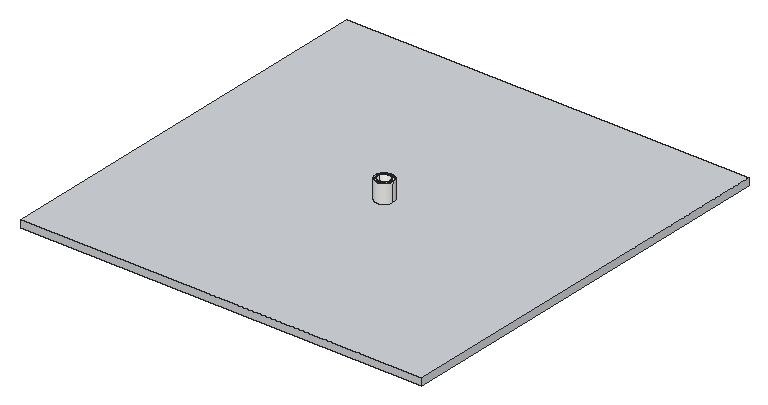
Revit family "Thorn Chalice 3 MSF 125", category Lighting Fixtures, host Face, Revit 2018
Family settings
  Host = Face
  Round Connector Dimension = Use Diameter
  Part Type = Normal
  OmniClass Number = 23.80.70.11
  OmniClass Title = Luminaries for Internal Lighting
  Cut with Voids When Loaded = No
  Light Source = Yes
  Shared = No
  Room Calculation Point = No
Parameters (values of type "Chalice 3 / CHAL3 MSF125 1400-840 EHF RSB")
  Width = 125 mm  # constant formula
  Wattage Comments = ""
  Wattage = 10.3001 W
  built-in parameter 1150110 = 1 (stored number, unit not read)
  Voltage = 230 V
  URL = "https://www.thornlighting.com/96108673"
  Type Comments = "© Thorn Lighting. We reserve the right to make technical changes without prior notice."  # constant formula
  built-in parameter 1114217 = 1 (stored number, unit not read)
  Tilt Angle = -90.00°  # constant formula
  built-in parameter 1150109 = 1 (stored number, unit not read)
  built-in parameter 1150134 = 12
  built-in parameter 1150113 = 1 (stored number, unit not read)
  Photometric Web File = "96108673_(STD).IES"
  Model = "96108673"
  Manufacturer = "THORN"  # constant formula
  built-in parameter 1150105 = 1835.5 (stored number, unit not read)
  Lumens = 1530 lm
  built-in parameter 1150115 = 1 (stored number, unit not read)
  built-in parameter 1150137 = (empty or 0)
  built-in parameter 1150139 = (empty or 0)
  Length = 125 mm  # constant formula
  built-in parameter 1150112 = 1 (stored number, unit not read)
  built-in parameter 1150114 = 1 (stored number, unit not read)
  Lamp = "LED"
  built-in parameter 1150132 = 2
  built-in parameter 1150102 = (empty or 0)
  built-in parameter 1150107 = 4000 (stored number, unit not read)
  built-in parameter 1150138 = (empty or 0)
  built-in parameter 1150106 = 18.355 (stored number, unit not read)
  Height = 126 mm  # constant formula
  built-in parameter 1150104 = 13.8 (stored number, unit not read)
  Dimming Lamp Color Temperature Shift = <None>
  Description = "Surface mounted LED downlight"  # constant formula
  Default Elevation = 0 mm
  Cover = Thorn_PMMA_Opaque
  Color Filter = 16777215
  Body = Thorn_Metal_White
  built-in parameter 1114218 = 1 (stored number, unit not read)
  built-in parameter 1150133 = 10 (stored number, unit not read)
  Assembly Code = "D5020200"
  Apparent Load = 13.3 VA
Reference planes
  plane 1 "Center (Front/Back)": y = 0
  plane 2 "Top": z = 0
  plane 3 "Center (Left/Right)": x = 399.5
  plane 4 "Left": x = 337
  plane 5 "Right": x = 462
  plane 6: y = 29.5
  plane 7: y = -29.5
  plane 8: z = 0
  plane 9: x = 349.5
  plane 10: x = 449.5
  plane 11: z = 126
Forms (mm)
  Extrusion 1, solid
    sketch origin (0, 0, 0) x (1, 0, 0) y (0, 1, 0)
      loop
        line (-1010.5, 1431.145) -> (-1010.5, -1431.145) -> (1809.5, -1431.145) -> (1809.5, 1431.145) -> (-1010.5, 1431.145)
    from 0 to -52.502
  Revolve 2, solid, material "Thorn_Metal_White" <- "Body"
    sketch origin (0, 0, 0) x (1, 0, 0) y (0, 0, 1)
      loop
        line (337, 0) -> (399.5, 0) -> (399.5, 60.005) -> (381.393, 60.005) -> (358, 126) -> (356, 126) -> (356, 124) -> (354, 124) -> (354, 126) -> (341, 126) -> (341, 124) -> (339, 124) -> (339, 126) -> (337, 126) -> (337, 0)
      axis (399.5, 126) -> (399.5, 0)
    angle from 0 to 360
Dimensions and locks
  equal spacing: plane 4 "Left", plane 3 "Center (Left/Right)", plane 5 "Right"
  "Length": plane 4 "Left" to plane 5 "Right"
  locked: plane 4 "Left" to plane 9 at 12.5
  locked: plane 10 to plane 5 "Right" at 12.5
  imposter light to plane 8 = 126 mm
  aligned and locked: Extrusion 1 to plane 2 "Top"
  aligned and locked: level to plane 8
  aligned and locked: imposter light to plane 1 "Center (Front/Back)"
  aligned and locked: imposter light to plane 3 "Center (Left/Right)"
  aligned and locked: imposter light to plane 11
Automatic sketch dimensions
  Extrusion 1 sketch curve to Extrusion 1 sketch curve = 2820 mm
  Extrusion 1 sketch curve to Extrusion 1 sketch curve = 2862.29 mm
  Revolve 2 sketch curve to level = 0 mm
  plane 3 "Center (Left/Right)" to Revolve 2 sketch curve = 0 mm  (x2)
  plane 3 "Center (Left/Right)" to Revolve 2 sketch curve = 18.107 mm
  plane 3 "Center (Left/Right)" to Revolve 2 sketch curve = 41.5 mm
  Revolve 2 sketch curve to Revolve 2 sketch curve = 2 mm  (x6)
  Revolve 2 sketch curve to Revolve 2 sketch curve = 13 mm
  plane 3 "Center (Left/Right)" to Revolve 2 sketch curve = 62.5 mm
  Revolve 2 sketch curve to Revolve 2 sketch curve = 63.995 mm
  Revolve 2 sketch curve to Revolve 2 sketch curve = 0 mm
  Revolve 2 sketch curve to level = 110 mm
  Revolve 2 sketch curve to Revolve 2 sketch curve = 65 mm
  Revolve 2 sketch curve to plane 11 = 0 mm
Connectors
  electrical at (399.5, 0, 0), driven by "Voltage", driven by "Apparent Load"
    settings: on Revolve 2, index 1, voltage 230 V, apparent load 13.3 VA, apparent load phase1 0 VA, apparent load phase2 0 VA, apparent load phase3 0 VA, power factor 1, load classification "Lighting", number of poles 1, system type 30, power factor state 1, is connector primary yes, connector utility no, sub classification motor no, connector description "Power"
